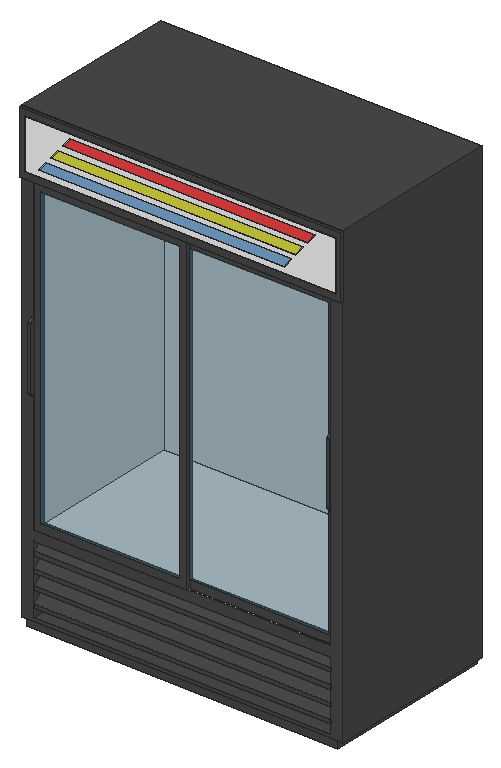
Revit family "QF_TRUE_GDM-47-HC-LD", category Specialty Equipment, Revit 2016
Family settings
  Part Type = Normal
  Round Connector Dimension = Use Diameter
  Work Plane-Based = No
  Always vertical = Yes
  Cut with Voids When Loaded = No
  Shared = No
  Room Calculation Point = No
Parameters
  Weight in Pounds = 485
  Watts = if(Phase = 3, Volts * FL Amps * 1.73, Volts * FL Amps)  # 977.5 W
  Volts = 115 V
  URL Cutsheet = ""
  Specification by User = ""
  Specification by Manufacturer = ""
  Show Seismic Flanged [instance] = no
  Show Default Legs [instance] = if(or(Show 6 Inches Legs Legs, Show 2.5 Inches Casters), or(Show 4 Inches Casters, and(Show 6 Inches Legs Legs, Show 2.5 Inches Casters), and(Show 2.5 Inches Casters, Show Seismic Flanged)), if(Show 4 Inches Casters, Show Seismic Flanged, not(Show Seismic Flanged)))  # yes
  Show 6 Inches Legs Legs [instance] = no
  Show 4 Inches Casters [instance] = no
  Show 2.5 Inches Casters [instance] = no
  Serial Number = ""
  Seismic Rating = ""
  Seismic Flanged [instance] = and(Show Seismic Flanged, not(Show Default Legs))  # no
  SMACNA No = ""
  Revision Code = ""
  Phase = 1
  Number of Poles = 1
  NAFEM Spec ID Number = ""
  Model = "GDM-47-HC-LD"
  Min Ckt Ampacity = 0 A
  Max Overcurrent Protection = 0 A
  Masterspec = ""
  Manufacturer = "TRUE"
  Length = 54 1/8"
  Item Number = ""
  Installed By = ""
  Identify Quantity as Lot = yes
  Height [instance] = Body Height + Base Height  # 78 5/8"
  HP = "1/2"
  Furnished By = ""
  Foodservice Equipment Identifier = yes
  FL Amps = 8.5 A
  Electrical Remarks = ""
  Electric Connection Type = ""
  Elec Conn RI Height = 0"
  Elec Conn Connection Height = 0"
  Description = "SLIDE DOOR REFRIGERATOR WITH HYDROCARBON REFRIGERANT & LED LIGHTING"
  Depth = 29 7/8"
  Cycle = 60 Hz
  Conn Plug = "NEMA 5-15P"
  Conn Conduit = yes
  CSI MasterFormat = ""
  Body Height [instance] = 78 5/16"  # constant formula
  Base Height [instance] = if(Show Default Legs, 5/16", if([2.5 Inches Casters], 2 1/2", if([4 Inches Casters], 4", if([6 Inches Legs Legs], 6", if(Seismic Flanged, 6", 5/16")))))  # 5/16"
  Apparent Power = if(Phase = 3, Volts * FL Amps * 1.73, Volts * FL Amps)  # 977.5 VA
  6 Inches Legs Legs [instance] = and(Show 6 Inches Legs Legs, not(Show Default Legs))  # no
  4 Inches Casters [instance] = and(Show 4 Inches Casters, not(Show Default Legs))  # no
  2.5 Inches Casters [instance] = and(Show 2.5 Inches Casters, not(Show Default Legs))  # no
Reference planes (in)
  plane 1 "BACK": y = 0
  plane 2: z = 0
  plane 3 "LEFT": x = 0
  plane 4 "RIGHT": x = 54.125
  plane 5 "FRONT": y = -29.875
  plane 6 "TOP": z = 0.3125
  plane 7 "Center Y": x = 27.0625
  plane 8 "Center X": y = -29.5625
  plane 9: z = 78.625
Dimensions and locks (in)
  equal spacing: plane 3 "LEFT", plane 7 "Center Y", plane 4 "RIGHT"
  "Length": plane 3 "LEFT" to plane 4 "RIGHT"
  plane 8 "Center X" to plane 1 "BACK" = 29 9/16"
  "Depth": plane 5 "FRONT" to plane 1 "BACK"
  "Base Height": plane 6 "TOP" to level
  "Body Height": plane 9 to plane 6 "TOP"
  aligned and locked: plane 2 to level
  aligned and locked: plane 6 "TOP" to nested 1
Nested families (in)
  nested 1: "GDM-47-HC-LD" at (0, 0, 0), Defualt Legs <- "Show Default Legs", type "GDM-47-HC-LD"
    with Defualt Legs yes
  nested 2: "L6_C6_01." at (2.74481, -27.07019, 0), Show 2.5 Inches Caster <- "2.5 Inches Casters", Show 4 Inches Casters <- "4 Inches Casters", Show 6 Inches Legs <- "6 Inches Legs Legs", Show Seismic Flanged <- "Seismic Flanged", type "L6_C6_01."
    with Type Mark "", Specification by User "", Show Seismic Flanged no, Show 6 Inches Legs no, Show 4 Inches Casters no, Show 2.5 Inches Caster no, Revision Code "", Item Number "", Installed By "", Identify Quantity as Lot yes, Furnished By "", Foodservice Equipment Identifier yes
  nested 3: "L6_C6_01." at (51.36309, -27.07019, 0), Show 2.5 Inches Caster <- "2.5 Inches Casters", Show 4 Inches Casters <- "4 Inches Casters", Show 6 Inches Legs <- "6 Inches Legs Legs", Show Seismic Flanged <- "Seismic Flanged", type "L6_C6_01."
    with Type Mark "", Specification by User "", Show Seismic Flanged no, Show 6 Inches Legs no, Show 4 Inches Casters no, Show 2.5 Inches Caster no, Revision Code "", Item Number "", Installed By "", Identify Quantity as Lot yes, Furnished By "", Foodservice Equipment Identifier yes
  nested 4: "L6_C6_01." at (2.74481, -2.12341, 0), Show 2.5 Inches Caster <- "2.5 Inches Casters", Show 4 Inches Casters <- "4 Inches Casters", Show 6 Inches Legs <- "6 Inches Legs Legs", Show Seismic Flanged <- "Seismic Flanged", type "L6_C6_01."
    with Type Mark "", Specification by User "", Show Seismic Flanged no, Show 6 Inches Legs no, Show 4 Inches Casters no, Show 2.5 Inches Caster no, Revision Code "", Item Number "", Installed By "", Identify Quantity as Lot yes, Furnished By "", Foodservice Equipment Identifier yes
  nested 5: "L6_C6_01." at (51.36309, -2.12341, 0), Show 2.5 Inches Caster <- "2.5 Inches Casters", Show 4 Inches Casters <- "4 Inches Casters", Show 6 Inches Legs <- "6 Inches Legs Legs", Show Seismic Flanged <- "Seismic Flanged", type "L6_C6_01."
    with Type Mark "", Specification by User "", Show Seismic Flanged no, Show 6 Inches Legs no, Show 4 Inches Casters no, Show 2.5 Inches Caster no, Revision Code "", Item Number "", Installed By "", Identify Quantity as Lot yes, Furnished By "", Foodservice Equipment Identifier yes
Connectors (in)
  electrical at (27.0625, 0.25, 73.34585), driven by "Volts", driven by "Watts"
    settings: on nested 1, index 1, voltage 115 V, apparent load 977.5 VA, apparent load phase1 0 VA, apparent load phase2 0 VA, apparent load phase3 0 VA, power factor 1, load classification "Other", number of poles 1, system type 30, power factor state 1, is connector primary yes, connector utility no, sub classification motor no, connector description "ELECTRICAL CONNECTION"
Definition of nested family "GDM-47-HC-LD"
  Parameters (values of type "GDM-47-HC-LD")
    Weight in Pounds = 485
    Watts = if(Phase = 3, Volts * FL Amps * 1.73, Volts * FL Amps)  # 977.5 W
    Volts = 115 V
    URL Cutsheet = ""
    Specification by User = ""
    Specification by Manufacturer = ""
    Serial Number = ""
    Seismic Rating = ""
    SMACNA No = ""
    Revision Code = ""
    Phase = 1
    Number of Poles = 1
    NAFEM Spec ID Number = ""
    Model = "GDM-47-HC-LD"
    Min Ckt Ampacity = 0 A
    Max Overcurrent Protection = 0 A
    Masterspec = ""
    Manufacturer = "TRUE"
    Length = 54 1/8"
    Item Number = ""
    Installed By = ""
    Identify Quantity as Lot = yes
    Height = 78 5/8"
    HP = ""
    Furnished By = ""
    Foodservice Equipment Identifier = yes
    FL Amps = 8.5 A
    Electrical Remarks = ""
    Electric Connection Type = ""
    Elec Conn RI Height = 0"
    Elec Conn Connection Height = 0"
    Description = "SLIDE DOOR REFRIGERATOR WITH HYDROCARBON REFRIGERANT & LED LIGHTING"
    Depth = 29 7/8"
    Defualt Legs [instance] = yes
    Cycle = 60 Hz
    Conn Plug = "NEMA 5-15P"
    Conn Conduit = yes
    CSI MasterFormat = ""
    Apparent Power = if(Phase = 3, Volts * FL Amps * 1.73, Volts * FL Amps)  # 977.5 VA
  Reference planes (in)
    plane 1 "BACK": y = 0
    plane 2: z = 0
    plane 3 "LEFT": x = 0
    plane 4 "RIGHT": x = 54.125
    plane 5 "FRONT": y = -29.875
    plane 6 "TOP": z = 78.625
    plane 7 "Center Y": x = 27.0625
    plane 8 "Center X": y = -29.5625
    plane 9: z = 0.3125
  Forms (in)
    Extrusion 1, solid
      sketch origin (0, 0, 0) x (1, 0, 0) y (0, 0, 1)
        loop
          line (0, 78.625) -> (0, 1.41892) -> (54.125, 1.41892) -> (54.125, 78.625) -> (0, 78.625)
        loop
          line (2, 76.625) -> (2, 15.31908) -> (52.125, 15.31908) -> (52.125, 76.625) -> (2, 76.625)
        loop
          line (2, 1.91892) -> (52.125, 1.91892) -> (52.125, 13.66955) -> (2, 13.66955) -> (2, 1.91892)
      from 0 to 29.19678
    Extrusion 2, solid
      sketch origin (0, -29.19678, 0) x (1, 0, 0) y (0, 0, 1)
        loop
          line (0, 78.625) -> (0, 67.96253) -> (54.125, 67.96253) -> (54.125, 78.625) -> (0, 78.625)
        loop
          line (0.89458, 77.54141) -> (0.89458, 69.07266) -> (53.25777, 69.07266) -> (53.25777, 77.54141) -> (0.89458, 77.54141)
      from 0 to 0.36572
    Extrusion 3, solid
      sketch origin (0, -29.19678, 0) x (1, 0, 0) y (0, 0, 1)
        loop
          line (0.89458, 77.54141) -> (0.89458, 69.07266) -> (53.25777, 69.07266) -> (53.25777, 77.54141) -> (0.89458, 77.54141)
        loop
          line (49.6875, 76.625) -> (8.39682, 76.625) -> (7.20902, 75.125) -> (48.49971, 75.125) -> (49.6875, 76.625)
        loop
          line (47.70784, 74.125) -> (6.41716, 74.125) -> (5.22936, 72.625) -> (46.52005, 72.625) -> (47.70784, 74.125)
        loop
          line (45.72818, 71.625) -> (4.4375, 71.625) -> (3.24971, 70.125) -> (44.54039, 70.125) -> (45.72818, 71.625)
      from 0 to 0.36572
    Extrusion 4, solid
      sketch origin (0, -29.19678, 0) x (1, 0, 0) y (0, 0, 1)
        loop
          line (49.6875, 76.625) -> (8.39682, 76.625) -> (7.20902, 75.125) -> (48.49971, 75.125) -> (49.6875, 76.625)
      from 0 to 0.36572
    Extrusion 5, solid
      sketch origin (0, -29.19678, 0) x (1, 0, 0) y (0, 0, 1)
        loop
          line (6.41716, 74.125) -> (5.22936, 72.625) -> (46.52005, 72.625) -> (47.70784, 74.125) -> (6.41716, 74.125)
      from 0 to 0.36572
    Extrusion 6, solid
      sketch origin (0, -29.19678, 0) x (1, 0, 0) y (0, 0, 1)
        loop
          line (45.72818, 71.625) -> (4.4375, 71.625) -> (3.24971, 70.125) -> (44.54039, 70.125) -> (45.72818, 71.625)
      from 0 to 0.36572
    Extrusion 7, solid
      sketch origin (0, 0, 0) x (-1, 0, 0) y (0, 0, 1)
        loop
          line (-52.125, 76.625) -> (-52.125, 1.41892) -> (-2, 1.41892) -> (-2, 76.625) -> (-52.125, 76.625)
      from 0 to -1.69886
    Extrusion 8, solid
      sketch origin (2, 0, 76.625) x (0, 0, 1) y (0, -1, 0)
        loop
          line (-67.20002, 29.19678) -> (-67.8434, 29.19678) -> (-66.22383, 27.19678) -> (-65.58045, 27.19678) -> (-67.20002, 29.19678)
        loop
          line (-69.82502, 29.19678) -> (-70.4684, 29.19678) -> (-68.84883, 27.19678) -> (-68.20545, 27.19678) -> (-69.82502, 29.19678)
        loop
          line (-72.45002, 29.19678) -> (-73.0934, 29.19678) -> (-71.47383, 27.19678) -> (-70.83045, 27.19678) -> (-72.45002, 29.19678)
        loop
          line (-64.57502, 29.19678) -> (-65.2184, 29.19678) -> (-63.59883, 27.19678) -> (-62.95545, 27.19678) -> (-64.57502, 29.19678)
      from 0 to 50.125
    Extrusion 9, solid
      sketch origin (0, -29.19678, 0) x (1, 0, 0) y (0, 0, 1)
        loop
          line (2, 15.31908) -> (27.875, 15.31908) -> (27.875, 67.96253) -> (2, 67.96253) -> (2, 15.31908)
        loop
          line (26.625, 66.71253) -> (3.25, 66.71253) -> (3.25, 16.56908) -> (26.625, 16.56908) -> (26.625, 66.71253)
      from 0 to -0.5
    Extrusion 10, solid
      sketch origin (0, -28.19678, 0) x (-1, 0, 0) y (0, 0, 1)
        loop
          line (-26.625, 15.31908) -> (-26.625, 67.96253) -> (-52.5, 67.96253) -> (-52.5, 15.31908) -> (-26.625, 15.31908)
        loop
          line (-51.25, 66.71253) -> (-51.25, 16.56908) -> (-27.875, 16.56908) -> (-27.875, 66.71253) -> (-51.25, 66.71253)
      from 0 to -0.5
    Extrusion 11, solid
      sketch origin (0, -29.19678, 0) x (1, 0, 0) y (0, 0, 1)
        loop
          line (26.625, 66.71253) -> (3.25, 66.71253) -> (3.25, 16.56908) -> (26.625, 16.56908) -> (26.625, 66.71253)
      from 0 to -0.5
    Extrusion 12, solid
      sketch origin (0, -28.19678, 0) x (-1, 0, 0) y (0, 0, 1)
        loop
          line (-51.25, 66.71253) -> (-51.25, 16.56908) -> (-27.875, 16.56908) -> (-27.875, 66.71253) -> (-51.25, 66.71253)
      from 0 to -0.5
    Extrusion 13, solid
      sketch origin (0, 0, 0) x (0, 1, 0) y (0, 0, 1)
        loop
          line (-29.19678, 47.27298) -> (-29.875, 46.59476) -> (-29.875, 36.02256) -> (-29.19678, 35.34434) -> (-29.19678, 47.27298)
      from 1.51988 to 2
    Extrusion 14, solid
      sketch origin (53.5, 0, 0) x (0, 1, 0) y (0, 0, -1)
        loop
          line (-28.69678, -47.27298) -> (-28.69678, -35.34434) -> (-29.375, -36.02256) -> (-29.375, -46.59476) -> (-28.69678, -47.27298)
      from 1.51988 to 2
    Extrusion 15, solid
      sketch origin (0, 0, 0) x (1, 0, 0) y (0, 0, 1)
        loop
          line (0.83154, 1.41892) -> (0.83154, 0.3125) -> (53.28625, 0.3125) -> (53.28625, 1.41892) -> (0.83154, 1.41892)
      from 0 to 29.19678
    Revolve 16, solid, visible <- "Defualt Legs"
      sketch origin (0, -2.125, 0) x (1, 0, 0) y (0, 0, 1)
        loop
          line (1.57022, 0.3125) -> (1.57022, 0) -> (2.75336, 0) -> (2.75336, 0.3125) -> (1.57022, 0.3125)
        axis (2.75336, 0) -> (2.75336, 0.3125)
      angle from 0 to 360
    Revolve 17, solid, visible <- "Defualt Legs"
      sketch origin (54.125, -2.125, 0) x (-1, 0, 0) y (0, 0, 1)
        loop
          line (1.57022, 0.3125) -> (1.57022, 0) -> (2.75336, 0) -> (2.75336, 0.3125) -> (1.57022, 0.3125)
        axis (2.75336, 0) -> (2.75336, 0.3125)
      angle from 0 to 360
    Revolve 18, solid, visible <- "Defualt Legs"
      sketch origin (0, -27.07178, 0) x (1, 0, 0) y (0, 0, -1)
        loop
          line (1.57022, -0.3125) -> (2.75336, -0.3125) -> (2.75336, 0) -> (1.57022, 0) -> (1.57022, -0.3125)
        axis (2.75336, 0) -> (2.75336, -0.3125)
      angle from 0 to 360
    Revolve 19, solid, visible <- "Defualt Legs"
      sketch origin (54.125, -27.07178, 0) x (-1, 0, 0) y (0, 0, 1)
        loop
          line (1.57022, 0.3125) -> (1.57022, 0) -> (2.75336, 0) -> (2.75336, 0.3125) -> (1.57022, 0.3125)
        axis (2.75336, 0) -> (2.75336, 0.3125)
      angle from 0 to 360
    Extrusion 20, solid
      sketch origin (0, 0, 0) x (-1, 0, 0) y (0, 0, 1)
        loop
          circle (-27.0625, 73.34585) r 0.5
      from 0 to 0.25
  Cuts and joins
    joined: Extrusion 1, Extrusion 7
  Lines and regions (in)
    symbolic lines
      curve 1: line (0, 0, 0) -> (54.125, 0, 0)
      curve 2: line (0, -29.5625, 0) -> (0, 0, 0)
      curve 3: line (54.125, -29.5625, 0) -> (0, -29.5625, 0)
      curve 4: line (54.125, 0, 0) -> (54.125, -29.5625, 0)
      curve 5: line (1.51988, -29.875, 0) -> (1.51988, -29.5625, 0)
      curve 6: line (1.51988, -29.875, 0) -> (2, -29.875, 0)
      curve 7: line (2, -29.875, 0) -> (2, -29.5625, 0)
  Dimensions and locks (in)
    equal spacing: plane 3 "LEFT", plane 7 "Center Y", plane 4 "RIGHT"
    "Length": plane 3 "LEFT" to plane 4 "RIGHT"
    plane 8 "Center X" to plane 1 "BACK" = 29 9/16"
    "Depth": plane 5 "FRONT" to plane 1 "BACK"
    "Height": plane 6 "TOP" to level
    aligned and locked: plane 2 to level
  Automatic sketch dimensions
    Extrusion 1 sketch curve to plane 3 "LEFT" = 0"
    plane 4 "RIGHT" to Extrusion 1 sketch curve = 0"
    Extrusion 1 sketch curve to plane 6 "TOP" = 0"
    plane 3 "LEFT" to Extrusion 1 sketch curve = 2"  (x2)
    plane 4 "RIGHT" to Extrusion 1 sketch curve = 2"  (x2)
    Extrusion 1 sketch curve to plane 6 "TOP" = 2"
    plane 9 to Extrusion 1 sketch curve = 15.00658"
    Extrusion 1 sketch curve to Extrusion 1 sketch curve = 1.64953"
    plane 9 to Extrusion 1 sketch curve = 1.60642"
    plane 9 to Extrusion 1 sketch curve = 1.10642"
    Extrusion 1 to Extrusion 2 sketch curve = 0"
    Extrusion 2 sketch curve to Extrusion 1 = 0"  (x2)
    Extrusion 2 sketch curve to Extrusion 1 = 0.89458"
    Extrusion 2 sketch curve to Extrusion 1 = 0.86723"
    Extrusion 2 sketch curve to Extrusion 1 = 0.91641"
    Extrusion 1 to Extrusion 2 sketch curve = 7.55234"
    Extrusion 2 sketch curve to Extrusion 2 sketch curve = 1.11013"
    Extrusion 3 sketch curve to Extrusion 1 = 0"
    Extrusion 3 sketch curve to Extrusion 1 = 0.89458"
    Extrusion 1 to Extrusion 3 sketch curve = 1.24971"
    Extrusion 3 sketch curve to Extrusion 3 sketch curve = 1.18779"  (x6)
    Extrusion 3 sketch curve to Extrusion 3 sketch curve = 0.79186"  (x4)
    Extrusion 1 to Extrusion 3 sketch curve = 7.58461"
    Extrusion 3 sketch curve to Extrusion 1 = 0.86723"
    Extrusion 1 to Extrusion 3 sketch curve = 1 1/2"
    Extrusion 3 sketch curve to Extrusion 3 sketch curve = 1"  (x2)
    Extrusion 3 sketch curve to Extrusion 3 sketch curve = 1 1/2"  (x2)
    Extrusion 3 sketch curve to Extrusion 3 sketch curve = 5.05234"
    Extrusion 3 sketch curve to Extrusion 1 = 0.91641"
    Extrusion 4 sketch curve to Extrusion 1 = 0"
    Extrusion 1 to Extrusion 4 sketch curve = 1 1/2"
    Extrusion 1 to Extrusion 4 sketch curve = 5.20902"
    Extrusion 4 sketch curve to Extrusion 4 sketch curve = 1.18779"  (x2)
    Extrusion 1 to Extrusion 4 sketch curve = 3.62529"
    Extrusion 1 to Extrusion 5 sketch curve = 3.22936"
    Extrusion 5 sketch curve to Extrusion 5 sketch curve = 1.18779"  (x2)
    Extrusion 1 to Extrusion 5 sketch curve = 5.60495"
    Extrusion 1 to Extrusion 5 sketch curve = 4"
    Extrusion 5 sketch curve to Extrusion 5 sketch curve = 1 1/2"
    Extrusion 1 to Extrusion 6 sketch curve = 1.24971"
    Extrusion 6 sketch curve to Extrusion 6 sketch curve = 1.18779"  (x2)
    Extrusion 1 to Extrusion 6 sketch curve = 7.58461"
    Extrusion 1 to Extrusion 6 sketch curve = 6 1/2"
    Extrusion 6 sketch curve to Extrusion 6 sketch curve = 1 1/2"
    Extrusion 7 sketch curve to Extrusion 1 = 0"  (x4)
    Extrusion 8 sketch curve to Extrusion 1 = 0"  (x5)
    Extrusion 8 sketch curve to Extrusion 1 = 0.64338"
    Extrusion 8 sketch curve to Extrusion 1 = 1.61957"
    Extrusion 8 sketch curve to Extrusion 8 sketch curve = 0.64338"  (x7)
    Extrusion 8 sketch curve to Extrusion 8 sketch curve = 1.98162"  (x6)
    Extrusion 1 to Extrusion 8 sketch curve = 2"  (x3)
    Extrusion 8 sketch curve to Extrusion 8 sketch curve = 0"
    Extrusion 9 sketch curve to Extrusion 1 = 0"  (x2)
    Extrusion 1 to Extrusion 9 sketch curve = 1 1/4"  (x2)
    Extrusion 9 sketch curve to Extrusion 9 sketch curve = 23 3/8"
    Extrusion 9 sketch curve to Extrusion 9 sketch curve = 1 1/4"  (x2)
    Extrusion 1 to Extrusion 9 sketch curve = 9.91247"
    plane 4 "RIGHT" to Extrusion 10 sketch curve = 1 5/8"
    Extrusion 10 sketch curve to Extrusion 10 sketch curve = 1 1/4"  (x3)
    plane 7 "Center Y" to Extrusion 10 sketch curve = 13/16"
    Extrusion 10 sketch curve to plane 7 "Center Y" = 7/16"
    plane 9 to Extrusion 10 sketch curve = 15.00658"
    Extrusion 10 sketch curve to plane 6 "TOP" = 11.91247"
    Extrusion 1 to Extrusion 11 sketch curve = 1 1/4"  (x2)
    Extrusion 1 to Extrusion 11 sketch curve = 9.91247"
    Extrusion 11 sketch curve to Extrusion 11 sketch curve = 23 3/8"
    plane 4 "RIGHT" to Extrusion 12 sketch curve = 2 7/8"
    plane 7 "Center Y" to Extrusion 12 sketch curve = 13/16"
    plane 9 to Extrusion 12 sketch curve = 16.25658"
    Extrusion 12 sketch curve to plane 6 "TOP" = 11.91247"
    Extrusion 13 sketch curve to plane 5 "FRONT" = 0"
    plane 8 "Center X" to Extrusion 13 sketch curve = 0.36572"
    plane 9 to Extrusion 13 sketch curve = 35.03184"
    Extrusion 13 sketch curve to Extrusion 13 sketch curve = 0.67822"  (x2)
    Extrusion 13 sketch curve to Extrusion 13 sketch curve = 10.5722"
    plane 8 "Center X" to Extrusion 14 sketch curve = 3/16"
    plane 8 "Center X" to Extrusion 14 sketch curve = 0.86572"
    Extrusion 14 sketch curve to plane 6 "TOP" = 31.35202"
    Extrusion 14 sketch curve to Extrusion 14 sketch curve = 0.67822"  (x2)
    Extrusion 14 sketch curve to Extrusion 14 sketch curve = 10.5722"
    Extrusion 15 sketch curve to plane 9 = 0"
    plane 3 "LEFT" to Extrusion 15 sketch curve = 0.83154"
    plane 4 "RIGHT" to Extrusion 15 sketch curve = 0.83875"
    plane 9 to Extrusion 15 sketch curve = 1.10642"
    Revolve 16 sketch curve to level = 0"
    Revolve 16 sketch curve to plane 9 = 0"  (x2)
    plane 3 "LEFT" to Revolve 16 sketch curve = 1.57022"
    Revolve 16 sketch curve to Revolve 16 sketch curve = 1.18314"
    Revolve 16 sketch curve to Revolve 16 sketch curve = 0"
    plane 9 to Revolve 16 sketch curve = 1/2"
    Revolve 17 sketch curve to level = 0"
    Revolve 17 sketch curve to plane 9 = 0"  (x2)
    Revolve 17 sketch curve to plane 4 "RIGHT" = 1.57022"
    Revolve 17 sketch curve to Revolve 17 sketch curve = 1.18314"
    Revolve 17 sketch curve to Revolve 17 sketch curve = 0"
    Revolve 17 sketch curve to Revolve 17 sketch curve = 1/2"
    Revolve 18 sketch curve to level = 0"
    Revolve 18 sketch curve to plane 9 = 0"  (x2)
    plane 3 "LEFT" to Revolve 18 sketch curve = 1.57022"
    Revolve 18 sketch curve to Revolve 18 sketch curve = 1.18314"
    Revolve 18 sketch curve to Revolve 18 sketch curve = 0"
    plane 9 to Revolve 18 sketch curve = 1/2"
    Revolve 19 sketch curve to level = 0"
    Revolve 19 sketch curve to plane 9 = 0"  (x2)
    plane 4 "RIGHT" to Revolve 19 sketch curve = 1.57022"
    Revolve 19 sketch curve to Revolve 19 sketch curve = 1.18314"
    Revolve 19 sketch curve to Revolve 19 sketch curve = 0"
    Revolve 19 sketch curve to Revolve 19 sketch curve = 1/2"
    plane 1 "BACK" to curve 1 = 0"
    curve 1 to plane 3 "LEFT" = 0"
    curve 5 to plane 8 "Center X" = 0"
    plane 5 "FRONT" to curve 7 = 0"
    curve 3 to plane 4 "RIGHT" = 0"
    plane 3 "LEFT" to curve 5 = 1.51988"
    curve 5 to curve 7 = 0.48012"
    Extrusion 1 to Extrusion 20 sketch curve = 3.27915"
    Extrusion 1 to Extrusion 20 sketch curve = 25 1/16"
    radius of Extrusion 20 sketch curve = 1/2"
  Connectors (in)
    electrical at (27.0625, 0.25, 73.34585), driven by "Volts", driven by "Watts"
      settings: on Extrusion 20, index 1, voltage 115 V, apparent load 977.5 VA, apparent load phase1 0 VA, apparent load phase2 0 VA, apparent load phase3 0 VA, power factor 1, load classification none, number of poles 1, system type 30, power factor state 1, is connector primary yes, connector utility no, sub classification motor no, connector description "ELECTRICAL CONNECTION"
Definition of nested family "L6_C6_01."
  Parameters (values of type "L6_C6_01.")
    Weight = ""
    URL Manufacturer = ""
    URL Cutsheet = ""
    URL = ""
    Type Mark [instance] = ""
    Specification by User [instance] = ""
    Specification by Manufacturer = ""
    Show Seismic Flanged [instance] = yes
    Show 6 Inches Legs [instance] = yes
    Show 4 Inches Casters [instance] = yes
    Serial Number = ""
    Seismic Rating = ""
    SMACNA No = ""
    Revision Code [instance] = ""
    Omniclass Number and Title = ""
    NAFEM Spec ID Number = ""
    Model = ""
    MasterSpec. = ""
    Manufacturer = ""
    Item Number [instance] = ""
    Installed By [instance] = ""
    Identify Quantity as Lot [instance] = yes
    Furnished By [instance] = ""
    Foodservice Equipment Identifier [instance] = yes
    Description = ""
    CSI MasterFormat = ""
    CSI Master Format = ""
    Show 2.5 Inches Caster [instance] = yes
  Reference planes (in)
    plane 1 "BACK": y = 0
    plane 2: z = 0
    plane 3 "LEFT": x = 0
    plane 4 "RIGHT": x = 0
    plane 5 "FRONT": y = 0
    plane 6 "TOP": z = 6
  Forms (in)
    Revolve 1, solid, visible <- "Show 6 Inches Legs"
      sketch origin (0, 11.12172, 0) x (0, -1, 0) y (0, 0, -1)
        loop
          line (11.12172, -6) -> (11.12172, 0) -> (10.62172, 0) -> (10.62172, -1.30261) -> (10.37172, -1.30261) -> (10.37172, -6) -> (11.12172, -6)
        axis (11.12172, 0) -> (11.12172, -6)
      angle from 0 to 360
    Revolve 2, solid, visible <- "Show 2.5 Inches Caster"
      sketch origin (-1.93794, 0.83816, -1.0041) x (1, 0, 0) y (0, 0, 1)
        loop
          line (0.74055, 1.92597) -> (0.74055, 1.85047) -> (0.79055, 1.80047) -> (0.85055, 1.80047) -> (0.85055, 1.6804) -> (1.235, 1.6804) -> (1.235, 1.61305) -> (1.38673, 1.52545) -> (1.4003, 1.4416) -> (1.34375, 1.4416) -> (1.34375, 1.3166) -> (1.375, 1.3166) -> (1.375, 1.0041) -> (2.48438, 1.0041) -> (2.48438, 1.3166) -> (2.51563, 1.3166) -> (2.51563, 1.4416) -> (2.45908, 1.4416) -> (2.47322, 1.52897) -> (2.62438, 1.61624) -> (2.62438, 1.6804) -> (3.04007, 1.6804) -> (3.04007, 1.80047) -> (3.10007, 1.80047) -> (3.15007, 1.85047) -> (3.15007, 1.92597) -> (0.74055, 1.92597)
        axis (0.74055, 1.92597) -> (3.15007, 1.92597)
      angle from 0 to 360
    Extrusion 3, solid, visible <- "Show 2.5 Inches Caster"
      sketch origin (-1.93794, 1.80294, -3.2541) x (0, 1, 0) y (0, 0, 1)
        loop
          line (-0.64294, 5.43229) -> (-0.64294, 5.55298) -> (-2.21294, 5.55298) -> (-2.21294, 5.30272) -> (-1.81966, 5.30272)
          arc (-1.81966, 5.30272) -> (-1.13638, 5.20789) -> (-0.46376, 5.05475) r 8.02767
          arc (-0.46376, 5.05475) -> (-0.19511, 4.95469) -> (0.05138, 4.80832) r 1.60049
          line (0.05138, 4.80832) -> (0.12713, 4.91318)
          arc (0.12713, 4.91318) -> (-0.07255, 5.06376) -> (-0.29048, 5.18644) r 1.8753
          line (-0.29048, 5.18644) -> (-0.22239, 5.30423)
          arc (-0.22239, 5.30423) -> (-0.42776, 5.38437) -> (-0.64294, 5.43229) r 1.44292
      from 1.17357 to 2.70231
    Revolve 4, solid, visible <- "Show 2.5 Inches Caster"
      sketch origin (0, 2.10856, -3.75) x (0, 1, 0) y (0, 0, 1)
        loop
          line (-1.73858, 6.25) -> (-1.73858, 6.04889) -> (-1.05793, 6.04889) -> (-1.05793, 6.25) -> (-1.73858, 6.25)
        axis (-1.73858, 6.04889) -> (-1.73858, 6.25)
      angle from 0 to 360
    Extrusion 5, solid, visible <- "Show 2.5 Inches Caster"
      sketch origin (-1.98481, 1.80294, -1.7541) x (0, 1, 0) y (0, 0, 1)
        loop
          line (-2.21294, 4.05298) -> (-2.21294, 3.80272) -> (-2.13999, 3.80272)
          arc (-2.13999, 3.80272) -> (-1.62379, 3.51899) -> (-1.39241, 2.97729) r 0.90292
          arc (-1.39241, 2.97729) -> (-1.36136, 2.78161) -> (-1.29729, 2.59413) r 1.15385
          arc (-1.29729, 2.59413) -> (-0.94802, 2.37355) -> (-0.6121, 2.61396) r 0.37001
          arc (-0.6121, 2.61396) -> (-0.59625, 2.66241) -> (-0.58446, 2.712) r 0.61695
          arc (-0.58446, 2.712) -> (-0.36134, 3.11665) -> (0.05609, 3.31484) r 0.75313
          line (0.05609, 3.31484) -> (0.12713, 3.41318)
          arc (0.12713, 3.41318) -> (-0.07255, 3.56376) -> (-0.29048, 3.68644) r 1.8753
          line (-0.29048, 3.68644) -> (-0.22239, 3.80423)
          arc (-0.22239, 3.80423) -> (-0.42776, 3.88437) -> (-0.64294, 3.93229) r 1.44292
          line (-0.64294, 3.93229) -> (-0.64294, 4.05298) -> (-2.21294, 4.05298)
      from 2.74918 to 2.90825
    Extrusion 6, solid, visible <- "Show 2.5 Inches Caster"
      sketch origin (1.98481, 1.80294, -1.7541) x (0, 1, 0) y (0, 0, -1)
        loop
          line (-2.21294, -4.05298) -> (-0.64294, -4.05298) -> (-0.64294, -3.93229)
          arc (-0.64294, -3.93229) -> (-0.42776, -3.88437) -> (-0.22239, -3.80423) r 1.44292
          line (-0.22239, -3.80423) -> (-0.29048, -3.68644)
          arc (-0.29048, -3.68644) -> (-0.07255, -3.56376) -> (0.12713, -3.41318) r 1.8753
          line (0.12713, -3.41318) -> (0.05609, -3.31484)
          arc (0.05609, -3.31484) -> (-0.36134, -3.11665) -> (-0.58446, -2.712) r 0.75313
          arc (-0.58446, -2.712) -> (-0.59625, -2.66241) -> (-0.6121, -2.61396) r 0.61695
          arc (-0.6121, -2.61396) -> (-0.94802, -2.37355) -> (-1.29729, -2.59413) r 0.37001
          arc (-1.29729, -2.59413) -> (-1.36136, -2.78161) -> (-1.39241, -2.97729) r 1.15385
          arc (-1.39241, -2.97729) -> (-1.62379, -3.51899) -> (-2.13999, -3.80272) r 0.90292
          line (-2.13999, -3.80272) -> (-2.21294, -3.80272) -> (-2.21294, -4.05298)
      from 2.74918 to 2.90825
    Revolve 7, solid, visible <- "Show Seismic Flanged"
      sketch origin (11.12153, 0, 0) x (-1, 0, 0) y (0, 0, -1)
        loop
          line (11.12172, -6) -> (11.12172, -0.15832) -> (10.62172, -0.15832) -> (10.62172, -0.65832) -> (10.37172, -0.65832) -> (10.37172, -6) -> (11.12172, -6)
        axis (11.12172, -0.15832) -> (11.12172, -6)
      angle from 0 to 360
    Revolve 8, solid, visible <- "Show Seismic Flanged"
      sketch origin (11.12153, 0, 0) x (-1, 0, 0) y (0, 0, -1)
        loop
          line (11.12172, -0.15832) -> (11.12172, 0) -> (9.94203, 0) -> (9.94203, -0.15832) -> (11.12172, -0.15832)
        axis (11.12172, 0) -> (11.12172, -0.15832)
      angle from 0 to 360
    Revolve 9, solid, visible <- "Show 4 Inches Casters"
      sketch origin (-1.93794, 0.83816, -1.0041) x (1, 0, 0) y (0, 0, 1)
        loop
          line (0.74055, 2.5041) -> (3.15007, 2.5041) -> (3.15007, 2.5796) -> (3.10007, 2.6296) -> (3.04007, 2.6296) -> (3.04007, 2.74967) -> (2.62438, 2.74967) -> (2.62438, 2.93884) -> (2.48438, 3.01967) -> (2.45908, 3.17597) -> (2.51563, 3.17597) -> (2.51563, 3.41035) -> (2.48438, 3.41035) -> (2.48438, 4.0041) -> (1.375, 4.0041) -> (1.375, 3.41035) -> (1.34375, 3.41035) -> (1.34375, 3.17597) -> (1.4003, 3.17597) -> (1.37557, 3.02318) -> (1.235, 2.94202) -> (1.235, 2.74967) -> (0.85055, 2.74967) -> (0.85055, 2.6296) -> (0.79055, 2.6296) -> (0.74055, 2.5796) -> (0.74055, 2.5041)
        axis (0.74055, 2.5041) -> (3.15007, 2.5041)
      angle from 0 to 360
    Extrusion 10, solid, visible <- "Show 4 Inches Casters"
      sketch origin (-1.93794, 1.80294, -1.7541) x (0, 1, 0) y (0, 0, 1)
        loop
          line (-3.08794, 5.33423) -> (-3.08794, 5.00584) -> (-2.69466, 5.00584)
          arc (-2.69466, 5.00584) -> (-1.57175, 4.94895) -> (-0.46376, 4.75787) r 9.36411
          arc (-0.46376, 4.75787) -> (-0.05889, 4.58436) -> (0.28335, 4.30705) r 1.60049
          line (0.28335, 4.30705) -> (0.34449, 4.39437)
          arc (0.34449, 4.39437) -> (0.12713, 4.6163) -> (-0.1239, 4.79931) r 1.8753
          line (-0.1239, 4.79931) -> (-0.05749, 4.91421)
          arc (-0.05749, 4.91421) -> (-0.33807, 5.05694) -> (-0.64294, 5.13542) r 1.44292
          line (-0.64294, 5.13542) -> (-0.64294, 5.33423) -> (-3.08794, 5.33423)
      from 1.1267 to 2.74918
    Revolve 11, solid, visible <- "Show 4 Inches Casters"
      sketch origin (0, 2.15543, -2.25) x (0, 1, 0) y (0, 0, 1)
        loop
          line (-2.21793, 6.25) -> (-2.21793, 5.83014) -> (-1.05793, 5.83014) -> (-1.05793, 6.25) -> (-2.21793, 6.25)
        axis (-2.21793, 5.83014) -> (-2.21793, 6.25)
      angle from 0 to 360
    Extrusion 12, solid, visible <- "Show 4 Inches Casters"
      sketch origin (-1.93794, 1.80294, -1.7541) x (0, 1, 0) y (0, 0, 1)
        loop
          line (-3.08794, 5.33423) -> (-3.08794, 5.00584) -> (-2.8913, 5.00584)
          arc (-2.8913, 5.00584) -> (-2.09118, 4.14057) -> (-1.45681, 3.14736) r 6.63355
          arc (-1.45681, 3.14736) -> (-0.85703, 2.75969) -> (-0.4561, 3.35069) r 0.5107
          arc (-0.4561, 3.35069) -> (-0.27092, 3.92503) -> (0.24034, 4.24562) r 0.88136
          line (0.24034, 4.24562) -> (0.34449, 4.39437)
          arc (0.34449, 4.39437) -> (0.12713, 4.6163) -> (-0.1239, 4.79931) r 1.8753
          line (-0.1239, 4.79931) -> (-0.05749, 4.91421)
          arc (-0.05749, 4.91421) -> (-0.33807, 5.05694) -> (-0.64294, 5.13542) r 1.44292
          line (-0.64294, 5.13542) -> (-0.64294, 5.33423) -> (-3.08794, 5.33423)
      from 2.74918 to 2.90825
    Extrusion 13, solid, visible <- "Show 4 Inches Casters"
      sketch origin (1.93794, 1.80294, -1.7541) x (0, 1, 0) y (0, 0, -1)
        loop
          line (-3.08794, -5.33423) -> (-0.64294, -5.33423) -> (-0.64294, -5.13542)
          arc (-0.64294, -5.13542) -> (-0.33807, -5.05694) -> (-0.05749, -4.91421) r 1.44292
          line (-0.05749, -4.91421) -> (-0.1239, -4.79931)
          arc (-0.1239, -4.79931) -> (0.12713, -4.6163) -> (0.34449, -4.39437) r 1.8753
          line (0.34449, -4.39437) -> (0.24034, -4.24562)
          arc (0.24034, -4.24562) -> (-0.27092, -3.92503) -> (-0.4561, -3.35069) r 0.88136
          arc (-0.4561, -3.35069) -> (-0.85703, -2.75969) -> (-1.45681, -3.14736) r 0.5107
          arc (-1.45681, -3.14736) -> (-2.09118, -4.14057) -> (-2.8913, -5.00584) r 6.63355
          line (-2.8913, -5.00584) -> (-3.08794, -5.00584) -> (-3.08794, -5.33423)
      from 2.74918 to 2.90825
  Lines and regions (in)
    symbolic lines, visible <- "Show 2.5 Inches Caster"
      curve 1: line (0.10651, 1.96132, 0) -> (0.80944, 1.55548, 0)
      curve 2: line (-0.89349, 0.22927, 0) -> (0.10651, 1.96132, 0)
      curve 3: line (-0.19056, -0.17657, 0) -> (-0.89349, 0.22927, 0)
      curve 4: line (0.80944, 1.55548, 0) -> (-0.19056, -0.17657, 0)
    symbolic lines, visible <- "Show 4 Inches Casters"
      curve 5: line (0.28481, 1.83041, 0) -> (1.24556, 1.27572, 0)
      curve 6: line (-1.26206, -0.84886, 0) -> (0.28481, 1.83041, 0)
      curve 7: line (-0.30132, -1.40355, 0) -> (-1.26206, -0.84886, 0)
      curve 8: line (1.24556, 1.27572, 0) -> (-0.30132, -1.40355, 0)
  Dimensions and locks (in)
    plane 6 "TOP" to level = 6"  (x2)
    locked: Revolve 1 sketch curve to Revolve 1 sketch curve at 1.30261
    locked: Revolve 1 sketch curve to Revolve 1 sketch curve at 0.75
    locked: Revolve 7 sketch curve to Revolve 7 sketch curve at 0.5
    locked: Revolve 7 sketch curve to Revolve 7 sketch curve at 0.75
    aligned and locked: level to plane 2
